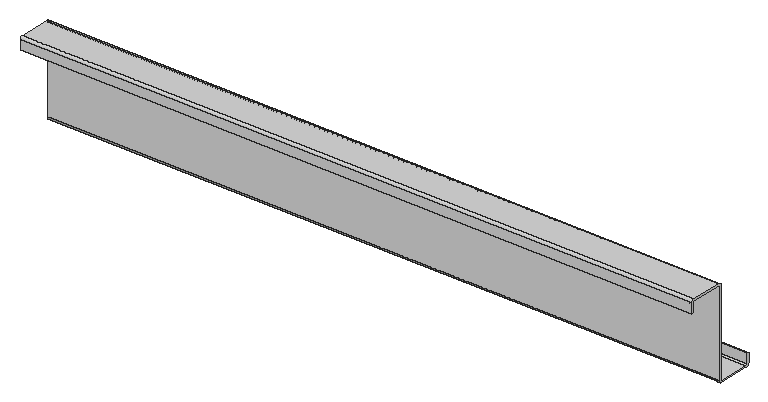
Revit family "Manômetro da luz - Perfis em Z com aresta de forração", category Quadro estrutural, Revit 2019
Family settings
  Arredondamento do comprimento do framing estrutural = 1 mm
  Forma do corte = Não definido
  Material para o comportamento do modelo = Aço
  Exportar sempre como geometria = Não
  Sempre na vertical = Sim
  Corte com vazios quando carregada = Não
  Representação simbólica = Das configurações de projeto
  Compartilhado = Não
  Exibir o pré-corte da família na vista da planta = Sim
Parameters (values of type "Z150x60x20x2.28")
  t = 2.3 mm
  r = t  # 2.3 mm
  d = 20 mm
  W = 0.00523
  Structural Material [instance] = Metal - Manômetro de luz
  R = 2 * t  # 4.6 mm
  H = 150 mm
  B = 60 mm
  Código de montagem = "B10"
  Length [instance] = 1500 mm
  A = 666.00 mm²
Reference planes
  plane 1 "Centro (Frente/Trás)": y = 0
  plane 2: z = 0
  plane 3 "Centro (Esquerda/Direita)": x = 0.008
  plane 4 "Membro esquerdo": x = -556.99
  plane 5 "Membro direito": x = 566.21
  plane 6 "Superior": z = 75
  plane 7: z = -75
  plane 8 "Esquerda": x = -757.39
  plane 9 "Direita": x = 742.61
  plane 10: y = -58.85
  plane 11: z = -55
  plane 12: z = 55
  plane 13: y = 58.85
  plane 14: y = 1.15
  plane 15: y = -1.15
Forms (mm)
  Sweep 1, solid, material "Metal - Manômetro de luz" <- "Structural Material", detail levels medium
    path origin (0, 0.016, 0) x (1, 0, 0) y (0, 1, 0)
      loop
        line (566.21, -0.016) -> (-556.99, -0.016)
    profile origin (4.61, 0, 0) x (0, -1, 0) y (0, 0, 1)
      loop
        line (1.15, 72.7) -> (56.55, 72.7) -> (56.55, 55) -> (58.85, 55) -> (58.85, 75) -> (-1.15, 75) -> (-1.15, -72.7) -> (-56.55, -72.7) -> (-56.55, -55) -> (-58.85, -55) -> (-58.85, -75) -> (1.15, -75) -> (1.15, 72.7)
  Sweep 2, solid, material "Metal - Manômetro de luz" <- "Structural Material", detail levels fine
    path origin (0, 0.016, 0) x (1, 0, 0) y (0, 1, 0)
      loop
        line (566.21, -0.016) -> (-556.99, -0.016)
    profile origin (4.61, 0, 0) x (0, -1, 0) y (0, 0, 1)
      loop
        arc (1.15, 70.4) -> (1.824, 72.026) -> (3.45, 72.7) r 2.3
        line (3.45, 72.7) -> (54.25, 72.7)
        arc (54.25, 72.7) -> (55.876, 72.026) -> (56.55, 70.4) r 2.3
        line (56.55, 70.4) -> (56.55, 55) -> (58.85, 55) -> (58.85, 70.4)
        arc (58.85, 70.4) -> (57.503, 73.653) -> (54.25, 75) r 4.6
        line (54.25, 75) -> (3.45, 75)
        arc (3.45, 75) -> (0.197, 73.653) -> (-1.15, 70.4) r 4.6
        line (-1.15, 70.4) -> (-1.15, -70.4)
        arc (-1.15, -70.4) -> (-1.824, -72.026) -> (-3.45, -72.7) r 2.3
        line (-3.45, -72.7) -> (-54.25, -72.7)
        arc (-54.25, -72.7) -> (-55.876, -72.026) -> (-56.55, -70.4) r 2.3
        line (-56.55, -70.4) -> (-56.55, -55) -> (-58.85, -55) -> (-58.85, -70.4)
        arc (-58.85, -70.4) -> (-57.503, -73.653) -> (-54.25, -75) r 4.6
        line (-54.25, -75) -> (-3.45, -75)
        arc (-3.45, -75) -> (-0.197, -73.653) -> (1.15, -70.4) r 4.6
        line (1.15, -70.4) -> (1.15, 70.4)
Lines and regions (mm)
  symbolic lines, style "Faces ocultas", detail levels medium+fine
    curve 1: line (-556.99, 4.763, 72.7) -> (566.21, 4.763, 72.7)
    curve 2: line (-556.99, 4.763, -72.7) -> (566.21, 4.763, -72.7)
    curve 3: line (-556.99, -56.55, 0) -> (566.21, -56.55, 0)
    curve 4: line (566.21, 0, 55) -> (-556.99, 0, 55)
    curve 5: line (566.21, 0, -55) -> (-556.99, 0, -55)
    curve 6: line (-556.99, 56.55, 0) -> (566.21, 56.55, 0)
    curve 12: line (-556.99, -1.15, 0) -> (566.21, -1.15, 0)
  symbolic lines, style "Símbolos de vara", detail levels coarse
    curve 7: line (-757.39, 58.85, -55) -> (-757.39, 58.85, -75)
    curve 8: line (-757.39, 58.85, -75) -> (-757.39, 0, -75)
    curve 9: line (-757.39, 0, -75) -> (-757.39, 0, 75)
    curve 10: line (-757.39, 0, 75) -> (-757.39, -58.85, 75)
    curve 11: line (-757.39, -58.85, 75) -> (-757.39, -58.85, 55)
Dimensions and locks
  "Length": plane 8 "Esquerda" to plane 9 "Direita"
  "d": plane 7 to plane 11
  "d": plane 12 to plane 6 "Superior"
  "t": Sweep 1 sketch curve to Sweep 1 sketch curve  (x4)
  "H": plane 7 to plane 6 "Superior"
  equal spacing: plane 7, level, plane 6 "Superior"
  "t": Sweep 2 sketch curve to Sweep 2 sketch curve  (x4)
  "t": curve 2 to Sweep 1
  "t": plane 10 to curve 3
  "t": Sweep 1 to curve 1
  equal spacing: plane 14, plane 1 "Centro (Frente/Trás)", plane 15
  "t": plane 14 to plane 15
  "B": plane 13 to plane 15
  "B": plane 14 to plane 10
  "R": radius of Sweep 2 sketch curve  (x4)
  "r": radius of Sweep 2 sketch curve  (x4)
  aligned and locked: level to plane 2
  aligned and locked: plane 11 to curve 5
  aligned and locked: plane 12 to curve 4
  aligned and locked: plane 6 "Superior" to Sweep 1 sketch curve
  aligned and locked: plane 13 to Sweep 1 sketch curve
  aligned and locked: plane 11 to Sweep 1 sketch curve
  aligned and locked: plane 12 to Sweep 1 sketch curve  (x2)
  aligned and locked: plane 10 to Sweep 1 sketch curve
  aligned and locked: Sweep 1 sketch curve to plane 7
  aligned and locked: plane 11 to Sweep 2 sketch curve
  aligned and locked: plane 6 "Superior" to Sweep 2 sketch curve
  aligned and locked: plane 12 to Sweep 2 sketch curve
  aligned and locked: Sweep 2 sketch curve to Sweep 2 sketch curve
  aligned and locked: profile plane to level
  aligned and locked: Sweep 1 to Sweep 2
  aligned and locked: curve 6 to Sweep 2
  aligned and locked: plane 10 to Sweep 1  (x2)
  aligned and locked: plane 6 "Superior" to curve 10
  aligned and locked: curve 11 to plane 10
  aligned and locked: plane 1 "Centro (Frente/Trás)" to curve 9
  aligned and locked: plane 7 to curve 8
  aligned and locked: curve 7 to plane 13
  aligned and locked: Sweep 2 sketch curve to plane 10
  aligned and locked: plane 13 to Sweep 2 sketch curve
  aligned and locked: Sweep 2 sketch curve to plane 7
  aligned and locked: plane 15 to Sweep 1 sketch curve
  aligned and locked: Sweep 1 sketch curve to plane 14
  aligned and locked: plane 15 to Sweep 2 sketch curve
  aligned and locked: Sweep 2 sketch curve to plane 14
  aligned and locked: curve 12 to plane 15
  aligned and locked: plane 11 to curve 7
  aligned and locked: plane 12 to curve 11
  aligned and locked: plane 4 "Membro esquerdo" to Sweep 1 sketch curve
  aligned and locked: plane 5 "Membro direito" to Sweep 1 sketch curve
  aligned and locked: plane 4 "Membro esquerdo" to Sweep 2 sketch curve
  aligned and locked: plane 5 "Membro direito" to Sweep 2 sketch curve
  aligned and locked: plane 4 "Membro esquerdo" to curve 1
  aligned and locked: plane 5 "Membro direito" to curve 1
  aligned and locked: plane 4 "Membro esquerdo" to curve 2
  aligned and locked: plane 5 "Membro direito" to curve 2
  aligned and locked: plane 4 "Membro esquerdo" to curve 3
  aligned and locked: plane 5 "Membro direito" to curve 3
  aligned and locked: plane 4 "Membro esquerdo" to curve 4
  aligned and locked: plane 5 "Membro direito" to curve 4
  aligned and locked: plane 4 "Membro esquerdo" to curve 5
  aligned and locked: plane 5 "Membro direito" to curve 5
  aligned and locked: plane 4 "Membro esquerdo" to curve 6
  aligned and locked: plane 5 "Membro direito" to curve 6
  aligned and locked: plane 4 "Membro esquerdo" to curve 12
  aligned and locked: plane 5 "Membro direito" to curve 12
Automatic sketch dimensions
  Sweep 1 sketch curve to plane 1 "Centro (Frente/Trás)" = 0 mm
  plane 1 "Centro (Frente/Trás)" to Sweep 2 sketch curve = 0 mm
Types in the file's own list only (54): name | t | r | d | W | R | H | B | A
  Z50x25x10x1.52 | 2 mm | 2 mm | 10 mm | 0.00129 | 3 mm | 50 mm | 25 mm | 164.00 mm²
  Z50x25x10x1.90 | 2 mm | 2 mm | 10 mm | 0.00157 | 4 mm | 50 mm | 25 mm | 200.00 mm²
  Z50x25x10x2.28 | 2 mm | 2 mm | 10 mm | 0.00183 | 5 mm | 50 mm | 25 mm | 233.00 mm²
  Z50x25x10x2.66 | 3 mm | 3 mm | 10 mm | 0.00207 | 5 mm | 50 mm | 25 mm | 264.00 mm²
  Z50x25x10x3.04 | 3 mm | 3 mm | 10 mm | 0.0023 | 6 mm | 50 mm | 25 mm | 292.00 mm²
  Z75x40x15x1.52 | 2 mm | 2 mm | 15 mm | 0.00207 | 3 mm | 75 mm | 40 mm | 263.00 mm²
  Z75x40x15x1.90 | 2 mm | 2 mm | 15 mm | 0.00254 | 4 mm | 75 mm | 40 mm | 323.00 mm²
  Z75x40x15x2.28 | 2 mm | 2 mm | 15 mm | 0.00299 | 5 mm | 75 mm | 40 mm | 381.00 mm²
  Z75x40x15x2.66 | 3 mm | 3 mm | 15 mm | 0.00343 | 5 mm | 75 mm | 40 mm | 437.00 mm²
  Z75x40x15x3.04 | 3 mm | 3 mm | 15 mm | 0.00385 | 6 mm | 75 mm | 40 mm | 490.00 mm²
  Z100x50x17x1.52 | 2 mm | 2 mm | 17 mm | 0.00265 | 3 mm | 100 mm | 50 mm | 338.00 mm²
  Z100x50x17x1.90 | 2 mm | 2 mm | 17 mm | 0.00327 | 4 mm | 100 mm | 50 mm | 416.00 mm²
  Z100x50x17x2.28 | 2 mm | 2 mm | 17 mm | 0.00387 | 5 mm | 100 mm | 50 mm | 493.00 mm²
  Z100x50x17x2.66 | 3 mm | 3 mm | 17 mm | 0.00445 | 5 mm | 100 mm | 50 mm | 567.00 mm²
  Z100x50x17x3.04 | 3 mm | 3 mm | 17 mm | 0.00502 | 6 mm | 100 mm | 50 mm | 639.00 mm²
  Z100x50x17x3.42 | 3 mm | 3 mm | 17 mm | 0.00556 | 7 mm | 100 mm | 50 mm | 709.00 mm²
  Z127x50x17x1.52 | 2 mm | 2 mm | 17 mm | 0.00297 | 3 mm | 127 mm | 50 mm | 379.00 mm²
  Z127x50x17x1.90 | 2 mm | 2 mm | 17 mm | 0.00367 | 4 mm | 127 mm | 50 mm | 468.00 mm²
  Z127x50x17x2.28 | 2 mm | 2 mm | 17 mm | 0.00435 | 5 mm | 127 mm | 50 mm | 554.00 mm²
  Z127x50x17x2.66 | 3 mm | 3 mm | 17 mm | 0.00501 | 5 mm | 127 mm | 50 mm | 639.00 mm²
  Z127x50x17x3.04 | 3 mm | 3 mm | 17 mm | 0.00566 | 6 mm | 127 mm | 50 mm | 721.00 mm²
  Z127x50x17x3.42 | 3 mm | 3 mm | 17 mm | 0.00629 | 7 mm | 127 mm | 50 mm | 801.00 mm²
  Z150x60x20x1.52 | 2 mm | 2 mm | 20 mm | 0.00356 | 3 mm | 150 mm | 60 mm | 453.00 mm²
  Z150x60x20x1.90 | 2 mm | 2 mm | 20 mm | 0.0044 | 4 mm | 150 mm | 60 mm | 561.00 mm²
  Z150x60x20x2.66 | 3 mm | 3 mm | 20 mm | 0.00604 | 5 mm | 150 mm | 60 mm | 769.00 mm²
  Z150x60x20x3.04 | 3 mm | 3 mm | 20 mm | 0.00683 | 6 mm | 150 mm | 60 mm | 870.00 mm²
  Z150x60x20x3.42 | 3 mm | 3 mm | 20 mm | 0.0076 | 7 mm | 150 mm | 60 mm | 969.00 mm²
  Z150x60x20x3.80 | 4 mm | 4 mm | 20 mm | 0.00836 | 8 mm | 150 mm | 60 mm | 1065.00 mm²
  Z150x60x20x4.18 | 4 mm | 4 mm | 20 mm | 0.0091 | 8 mm | 150 mm | 60 mm | 1159.00 mm²
  Z150x60x20x4.76 | 5 mm | 5 mm | 20 mm | 0.01019 | 10 mm | 150 mm | 60 mm | 1219.00 mm²
  Z200x75x20x1.90 | 2 mm | 2 mm | 20 mm | 0.0056 | 4 mm | 200 mm | 75 mm | 713.00 mm²
  Z200x75x20x2.28 | 2 mm | 2 mm | 20 mm | 0.00666 | 5 mm | 200 mm | 75 mm | 848.00 mm²
  Z200x75x25x2.66 | 3 mm | 3 mm | 25 mm | 0.00792 | 5 mm | 200 mm | 75 mm | 1008.00 mm²
  Z200x75x25x3.04 | 3 mm | 3 mm | 25 mm | 0.00898 | 6 mm | 200 mm | 75 mm | 1144.00 mm²
  Z200x75x25x3.42 | 3 mm | 3 mm | 25 mm | 0.01002 | 7 mm | 200 mm | 75 mm | 1276.00 mm²
  Z200x75x25x3.80 | 4 mm | 4 mm | 25 mm | 0.01104 | 8 mm | 200 mm | 75 mm | 1407.00 mm²
  Z200x75x25x4.18 | 4 mm | 4 mm | 25 mm | 0.01205 | 8 mm | 200 mm | 75 mm | 1535.00 mm²
  Z200x75x25x4.76 | 5 mm | 5 mm | 25 mm | 0.03155 | 10 mm | 200 mm | 75 mm | 1726.00 mm²
  Z250x85x25x1.90 | 2 mm | 2 mm | 25 mm | 0.00679 | 4 mm | 250 mm | 85 mm | 865.00 mm²
  Z250x85x25x2.28 | 2 mm | 2 mm | 25 mm | 0.00809 | 5 mm | 250 mm | 85 mm | 1031.00 mm²
  Z250x85x25x2.66 | 3 mm | 3 mm | 25 mm | 0.00938 | 5 mm | 250 mm | 85 mm | 1195.00 mm²
  Z250x85x25x3.04 | 3 mm | 3 mm | 25 mm | 0.01065 | 6 mm | 250 mm | 85 mm | 1356.00 mm²
  Z250x85x25x3.42 | 3 mm | 3 mm | 25 mm | 0.0119 | 7 mm | 250 mm | 85 mm | 1516.00 mm²
  Z250x85x25x3.80 | 4 mm | 4 mm | 25 mm | 0.01313 | 8 mm | 250 mm | 85 mm | 1673.00 mm²
  Z250x85x25x4.18 | 4 mm | 4 mm | 25 mm | 0.01435 | 8 mm | 250 mm | 85 mm | 1827.00 mm²
  Z250x85x25x4.76 | 5 mm | 5 mm | 25 mm | 0.01617 | 10 mm | 250 mm | 85 mm | 2059.00 mm²
  Z300x85x25x1.90 | 2 mm | 2 mm | 25 mm | 0.00753 | 4 mm | 300 mm | 85 mm | 960.00 mm²
  Z300x85x25x2.28 | 2 mm | 2 mm | 25 mm | 0.00899 | 5 mm | 300 mm | 85 mm | 1145.00 mm²
  Z300x85x25x2.66 | 3 mm | 3 mm | 25 mm | 0.01042 | 5 mm | 300 mm | 85 mm | 1328.00 mm²
  Z300x85x25x3.04 | 3 mm | 3 mm | 25 mm | 0.01184 | 6 mm | 300 mm | 85 mm | 1508.00 mm²
  Z300x85x25x3.42 | 3 mm | 3 mm | 25 mm | 0.01324 | 7 mm | 300 mm | 85 mm | 1687.00 mm²
  Z300x85x25x3.80 | 4 mm | 4 mm | 25 mm | 0.01462 | 8 mm | 300 mm | 85 mm | 1863.00 mm²
  Z300x85x25x4.18 | 4 mm | 4 mm | 25 mm | 0.01599 | 8 mm | 300 mm | 85 mm | 2036.00 mm²
  Z300x85x25x4.76 | 5 mm | 5 mm | 25 mm | 0.01803 | 10 mm | 300 mm | 85 mm | 2297.00 mm²
